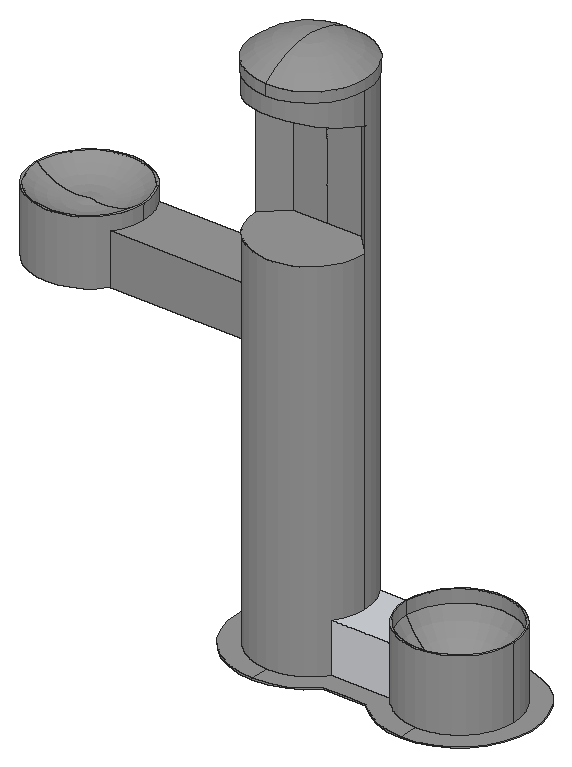
Revit family "Outdoor_Bottle_Filler_Fountain-Willoughby-CWBF-3-RPB-HC-PET", category Plumbing Fixtures, host Face, Revit 2014
Parameters (values of type "Standard")
  Waste DIA = 1 1/4"
  Waste Connection = yes
  Vent Connection = no
  URL = "www.willoughby-ind"
  Revision = "A"
  Model = "CWBF-3-RPC-HC-PET"
  Manufacturer = "Willoughby Industries"
  LAV CW DIA = 3/8"
  HW Connection = no
  Fixture Body = Stainless Steel AISI 304-Willoughby
  Description = "Outdoor Bottle Filler And Fountain"
  Default Elevation = 0' - 0"
  Contact = "800.428.4065"
  CW Connection = yes
Reference planes (in)
  plane 1 "Center (Front/Back)": y = 0
  plane 2: z = 0
  plane 3 "Center (Left/Right)": x = 0
  plane 4: y = 4.3125
  plane 5: y = -4.3125
  plane 6 "bottom of Cap": z = 51.10156
  plane 7 "Bottom Of Opening": z = 36.5
  plane 8 "Top of opening": z = 49.05056
  plane 9: z = 12
  plane 10: y = 7.25
  plane 11: y = -7.25
  plane 12: z = 54.22196
  plane 13 "Bottom Of Fountaain": z = 21.75
  plane 14 "Top Of Fountain": z = 7.121
  plane 15: z = 26.871
  plane 16: x = 6.5
  plane 17: x = -22.75
  plane 18: x = -14.75
  plane 19: x = 14.75
  plane 20: x = -27.29394
  plane 21: x = 21.9108
  plane 22: x = 20.125
Forms (in)
  Extrusion 1, solid, material "Stainless Steel AISI 304-Willoughby" <- "Fixture Body"
    sketch origin (0, 0, 0) x (1, 0, 0) y (0, 1, 0)
      loop
        circle (0, 0) r 5.375
    from 0 to 51.10156
  Revolve 2, solid, material "Stainless Steel AISI 304-Willoughby" <- "Fixture Body"
    sketch origin (0, 0, 0) x (0, 1, 0) y (0, 0, 1)
      loop
        line (0, 51.10156) -> (0, 54.22656)
        arc (0, 54.22656) -> (-2.94533, 53.67553) -> (-5.5, 52.10956) r 8.25602
        line (-5.5, 52.10956) -> (-5.5, 51.10156) -> (0, 51.10156)
      axis (0, 54.22656) -> (0, 51.10156)
    angle from 0 to 360
  Revolve 3, solid, material "Stainless Steel AISI 304-Willoughby" <- "Fixture Body"
    sketch origin (0, 0, 0) x (0, 1, 0) y (0, 0, 1)
      loop
        line (0, 0) -> (0, 0.121) -> (-7.25, 0.121) -> (-7.25, 0) -> (0, 0)
      axis (0, 0.121) -> (0, 0)
    angle from 0 to 360
  Extrusion 4, void
    sketch origin (0, 0, 36.5) x (0, 1, 0) y (-1, 0, 0)
      loop
        line (2, 0) -> (2, 3.375) -> (0, 5.375)
        arc (0, 5.375) -> (-5.375, 0) -> (0, -5.375) r 5.375
        line (0, -5.375) -> (2, -3.375) -> (2, 0)
    from 0 to 11.39844
  Extrusion 5, void
    sketch origin (0, 0, 0) x (0, 1, 0) y (0, 0, 1)
      loop
        line (0.0833, 47.89844) -> (-5.57509, 49.38148) -> (-5.57509, 47.89844) -> (0.0833, 47.89844)
    from -5.43297 to 5.41342
  Revolve 6, solid, material "Stainless Steel AISI 304-Willoughby" <- "Fixture Body", detail levels medium+fine
    sketch origin (0, 0, 0) x (0, 1, 0) y (0, 0, 1)
      loop
        line (0, 12) -> (0, 15) -> (-0.625, 15) -> (-0.625, 12) -> (0, 12)
      axis (0, 15) -> (0, 12)
    angle from 0 to 360
  Revolve 7, solid, material "Stainless Steel AISI 304-Willoughby" <- "Fixture Body", detail levels medium+fine
    sketch origin (0, 0, 0) x (0, 1, 0) y (0, 0, 1)
      loop
        line (1.5, 12) -> (1.6875, 12) -> (1.6875, 15) -> (1.5, 15) -> (1.5, 12)
      axis (1.5, 12) -> (1.5, 15)
    angle from 0 to 360
  Extrusion 8, solid, material "Stainless Steel AISI 304-Willoughby" <- "Fixture Body"
    sketch origin (-7.125, 0, 21.75) x (1, 0, 0) y (0, 1, 0)
      loop
        circle (21.875, 0) r 5.375
    from -21.75 to -14.629
  Revolve 9, void
    sketch origin (-7.125, 0, -21.58272) x (-1, 0, 0) y (0, 0, 1)
      loop
        line (-21.875, 28.70183) -> (-27.125, 28.70183) -> (-27.125, 27.45183)
        arc (-27.125, 27.45183) -> (-25.03436, 24.75048) -> (-21.875, 23.45183) r 6.61666
        line (-21.875, 23.45183) -> (-21.875, 28.70183)
      axis (-21.875, 28.70183) -> (-21.875, 23.45183)
    angle from 0 to 360
  Revolve 10, solid, material "Stainless Steel AISI 304-Willoughby" <- "Fixture Body"
    sketch origin (14.75, 0, 0) x (0, -1, 0) y (0, 0, 1)
      loop
        line (0, 0) -> (0, 0.121) -> (-7.25, 0.121) -> (-7.25, 0) -> (0, 0)
      axis (0, 0.121) -> (0, 0)
    angle from 0 to 360
  Extrusion 11, solid
    sketch origin (0, 0, 0) x (-1, 0, 0) y (0, -1, 0)
      loop
        line (-4.15331, 0) -> (-4.15331, 3) -> (-10.44158, 3)
        arc (-10.44158, 3) -> (-9.44179, 0) -> (-10.44158, -3) r 5.00085
        line (-10.44158, -3) -> (-4.15331, -3) -> (-4.15331, 0)
    from 0 to 5
  Extrusion 12, solid, material "Stainless Steel AISI 304-Willoughby" <- "Fixture Body"
    sketch origin (0, 0, 21.75) x (-1, 0, 0) y (0, -1, 0)
      loop
        line (-7.25, -5) -> (-4.15331, -5)
        arc (-4.15331, -5) -> (-6.5, 0) -> (-4.15331, 5) r 6.5
        line (-4.15331, 5) -> (-7.375, 5) -> (-10.59669, 5)
        arc (-10.59669, 5) -> (-8.25, 0) -> (-10.59669, -5) r 6.5
        line (-10.59669, -5) -> (-7.25, -5)
    from -21.75 to -21.629
  Extrusion 13, solid, material "Stainless Steel AISI 304-Willoughby" <- "Fixture Body"
    sketch origin (-0.04394, 0, 26.871) x (-1, 0, 0) y (0, -1, 0)
      loop
        circle (21.875, 0) r 5.375
    from 0 to 6.375
  Extrusion 14, solid, material "Stainless Steel AISI 304-Willoughby" <- "Fixture Body"
    sketch origin (-0.04394, 0, 5) x (1, 0, 0) y (0, 0, 1)
      loop
        line (-18.80836, 21.871) -> (-3.75931, 21.871) -> (-3.75931, 26.871) -> (-18.80836, 26.871) -> (-18.80836, 21.871)
    from 3 to -3
  Revolve 15, void
    sketch origin (-0.04394, 0, 5) x (1, 0, 0) y (0, 0, 1)
      loop
        line (-21.875, 28.246) -> (-27.08008, 28.246)
        arc (-27.08008, 28.246) -> (-24.63525, 26.96441) -> (-21.875, 26.93787) r 5.88811
        line (-21.875, 26.93787) -> (-21.875, 28.246)
      axis (-21.875, 28.246) -> (-21.875, 26.93787)
    angle from 0 to 360
Cuts and joins
  Extrusion 4, Extrusion 5, Revolve 9 cuts Extrusion 1
  Revolve 9 cuts Extrusion 8
  joined: Revolve 3, Revolve 10, Extrusion 12
  Revolve 9 cuts Extrusion 11
  Revolve 15 cuts Extrusion 13
Lines and regions (in)
  symbolic lines
    curve 1: circle (0, 0, 36.5) r 7.25 normal (0, 0, 1)
    curve 4: line (-7.25, 0, 0) -> (6.5, 0, 0)
    curve 5: line (6.5, 0, 0) -> (6.5, 0, 0.121)
    curve 6: line (6.5, 0, 0.121) -> (-7.25, 0, 0.121)
    curve 7: line (-5.375, 0, 0.121) -> (-5.375, 0, 51.10156)
    curve 8: line (-5.5, 0, 51.10156) -> (5.5, 0, 51.10156)
    curve 9: line (5.375, 0, 51.10156) -> (5.375, 0, 0.121)
    curve 10: line (5.5, 0, 51.10156) -> (5.5, 0, 52.10956)
    curve 11: line (5.5, 0, 52.10956) -> (-5.5, 0, 52.10956)
    curve 12: line (-5.5, 0, 52.10956) -> (-5.5, 0, 51.10156)
    curve 13: line (0, -7.25, 0) -> (0, 7.25, 0)
    curve 14: line (0, 7.25, 0) -> (0, 7.25, 0.121)
    curve 15: line (0, 7.25, 0.121) -> (0, -7.25, 0.121)
    curve 16: line (0, -7.25, 0.121) -> (0, -7.25, 0)
    curve 17: line (0, -5.40304, 51.10156) -> (0, -5.40304, 49.35156)
    curve 18: line (0, -5.36399, 49.32616) -> (0, 0, 47.92027)
    curve 19: line (0, 0, 36.5) -> (0, -5.39376, 36.5)
    curve 20: line (0, -5.39376, 36.5) -> (0, -5.39376, 0.121)
    curve 21: line (0, 5.39593, 51.10156) -> (0, 5.39593, 0.121)
    curve 22: line (0, 5.5, 51.10156) -> (0, -5.5, 51.10156)
    curve 23: line (0, -5.5, 51.10156) -> (0, -5.5, 52.10956)
    curve 24: line (0, -5.5, 52.10956) -> (0, 5.5, 52.10956)
    curve 25: line (0, 5.5, 52.10956) -> (0, 5.5, 51.10156)
    curve 28: circle (14.75, 0, 36.5) r 7.25 normal (0, 0, 1)
    curve 29: line (0, 5.39593, 7.121) -> (0, -5.39376, 7.121)
    curve 30: line (4.60977, -3, 21.75) -> (10.29011, -3, 21.75)
    curve 31: line (10.29011, 3, 21.75) -> (4.60977, 3, 21.75)
    curve 32: line (4.41998, 0, 0.121) -> (4.41998, 0, 4.99932)
    curve 33: line (4.41998, 0, 4.99932) -> (10.30122, 0, 4.99932)
    curve 34: line (10.30122, 0, 4.99932) -> (10.30122, 0, 0.121)
    curve 35: line (9.375, 0, 4.99932) -> (9.375, 0, 7.121)
    curve 36: line (20.125, 0, 7.121) -> (9.375, 0, 7.121)
    curve 37: line (20.125, 0, 7.121) -> (20.125, 0, 0.121)
    curve 38: line (19.0625, 0, 0.121) -> (22.00563, 0, 0.121)
    curve 39: line (22.00563, 0, 0.121) -> (22.00563, 0, 0)
    curve 40: line (22.00563, 0, 0) -> (9.5, 0, 0)
    curve 41: line (9.5, 0, 0) -> (9.5, 0, 0.121)
    curve 42: line (9.5, 0, 0.121) -> (19.0625, 0, 0.121)
    curve 43: line (4.15331, 0, 0.121) -> (4.15331, 0, 0)
    curve 44: line (-4.4643, 0, 26.871) -> (-27.29394, 0, 26.871)
    curve 45: line (-27.29394, 0, 26.871) -> (-27.29394, 0, 33.246)
    curve 46: line (-26.23144, 0, 33.246) -> (-17.60644, 0, 33.246)
    curve 47: line (-17.47564, 0, 31.871) -> (-17.47564, 0, 26.871)
    curve 48: line (-17.47564, 0, 31.871) -> (-4.4643, 0, 31.871)
    curve 49: line (-4.4643, 0, 31.871) -> (-4.4643, 0, 26.871)
    curve 50: line (-27.29394, 0, 26.871) -> (-27.29394, 0, 33.246)
    curve 51: line (-27.29394, 0, 33.246) -> (-16.54394, 0, 33.246)
    curve 52: line (-16.54394, 0, 33.246) -> (-16.54394, 0, 31.871)
    curve 53: line (5.25, 5, 21.75) -> (9.5, 5, 21.75)
    curve 54: line (5.25, -5, 21.75) -> (9.5, -5, 21.75)
    curve 55: line (-5.76628, 3, 21.75) -> (-17.45905, 3, 21.75)
    curve 56: arc (-17.45905, 3, 21.75) -> (-27.29394, 0, 21.75) -> (-17.45905, -3, 21.75) r 5.375
    curve 57: arc (-17.45905, -3, 21.75) -> (-16.54394, 0, 21.75) -> (-17.45905, 3, 21.75) r 5.375
    curve 58: line (-17.45905, -3, 21.75) -> (-5.76628, -3, 21.75)
    curve 59: arc (0, 5.5, 52.10956) -> (0, 0, 54.22222) -> (0, -5.5, 52.10956) r 8.21556
    curve 60: line (0, 0, 36.5) -> (0, 0, 47.92027)
    curve 61: arc (9.375, 0, 21.75) -> (14.75, -5.375, 21.75) -> (20.125, 0, 21.75) r 5.375
    curve 62: arc (20.125, 0, 21.75) -> (14.75, 5.375, 21.75) -> (9.375, 0, 21.75) r 5.375
    curve 63: line (-7.25, 0, 0.121) -> (-7.25, 0, 0)
    curve 64: line (4.0625, 0, 52.10956) -> (4.395, 0, 52.10956)
    curve 65: arc (5.5, 0, 52.10956) -> (0, 0, 54.23931) -> (-5.5, 0, 52.10956) r 8.16667
    curve 66: line (9.5, 0, 0.121) -> (6.5, 0, 0.121)
    curve 67: line (-5.375, 0, 36.5) -> (5.375, 0, 36.5)
    curve 68: line (5.375, 0, 47.92027) -> (-5.375, 0, 47.92027)
    curve 69: line (-3.375, 0, 47.92027) -> (-3.375, 0, 36.5)
    curve 70: line (3.375, 0, 47.92027) -> (3.375, 0, 36.5)
    curve 71: spline (-5.375, 0, 47.92027) -> (-5.19185, 0, 48.28428) -> (-4.65489, 0, 48.62348) -> (-3.8007, 0, 48.91476) -> (-2.6875, 0, 49.13827) -> (-1.39115, 0, 49.27877) -> (0, 0, 49.3267) -> (1.39115, 0, 49.27877) -> (2.6875, 0, 49.13827) -> (3.8007, 0, 48.91476) -> (4.65489, 0, 48.62348) -> (5.19185, 0, 48.28428) -> (5.375, 0, 47.92027)
  symbolic lines, detail levels medium+fine
    curve 2: circle (0, 0, 36.5) r 5.5 normal (0, 0, 1)
    curve 26: line (0, 5.39593, 28.246) -> (0, -5.39376, 28.246)
    curve 27: line (0, -5.39376, 21.871) -> (0, 5.39593, 21.871)
  symbolic lines, detail levels fine
    curve 3: circle (0, 0, 36.5) r 5.375 normal (0, 0, 1)
Dimensions and locks (in)
  plane 7 "Bottom Of Opening" to level = 3' - 0 1/2"
  plane 10 to plane 11 = 1' - 2 1/2"
  plane 5 to plane 4 = 0' - 8 5/8"
  plane 13 "Bottom Of Fountaain" to level = 1' - 9 3/4"
  plane 18 to plane 3 "Center (Left/Right)" = 1' - 2 3/4"
  Extrusion 14 to host face = 2' - 2.871"
  plane 20 to plane 22 = 3' - 11.41894"
  radius of curve 3 = 0' - 5 3/8"
  aligned and locked: plane 2 to host face
  aligned and locked: level to host face
  aligned and locked: Revolve 6 sketch curve to Revolve 6 sketch curve  (x2)
  aligned and locked: Revolve 7 sketch curve to Revolve 7 sketch curve  (x2)
  aligned and locked: plane 14 "Top Of Fountain" to Extrusion 8
  aligned and locked: Revolve 15 sketch curve to Revolve 15 sketch curve  (x2)
  aligned and locked: curve 13 to Revolve 10 sketch curve
Connectors (in)
  piping at (0, 0, 12), diameter 0.375, driven by "Waste Connection", driven by "LAV CW DIA"
    settings: on Revolve 6, index 1, connector inside diameter 24", connector length 0' - 0", flow factor 0, pipe flow 0 GPM, pressure drop 0.00 psi, fitting loss kfactor 0, connector angle 0.00°, fixture units 0, engagement length 0' - 0", angle of deflection 0.00°, flow configuration 0, flow direction 2, fitting loss method 0, system type 16, joint type 0, gender type 0, connector reference index -1, connector utility 1, adjustable connector no, is connector primary yes, connector description "Drain Waste"
  piping at (0, 1.5, 12), diameter 0.375, driven by "CW Connection"
    settings: on Revolve 7, index 2, connector inside diameter 24", connector length 0' - 0", flow factor 0, pipe flow 0 GPM, pressure drop 0.00 psi, fitting loss kfactor 0, connector angle 0.00°, fixture units 0, engagement length 0' - 0", angle of deflection 0.00°, flow configuration 0, flow direction 1, fitting loss method 0, system type 20, joint type 0, gender type 0, connector reference index -1, connector utility 1, adjustable connector no, is connector primary no, connector description "CW Inlet"
